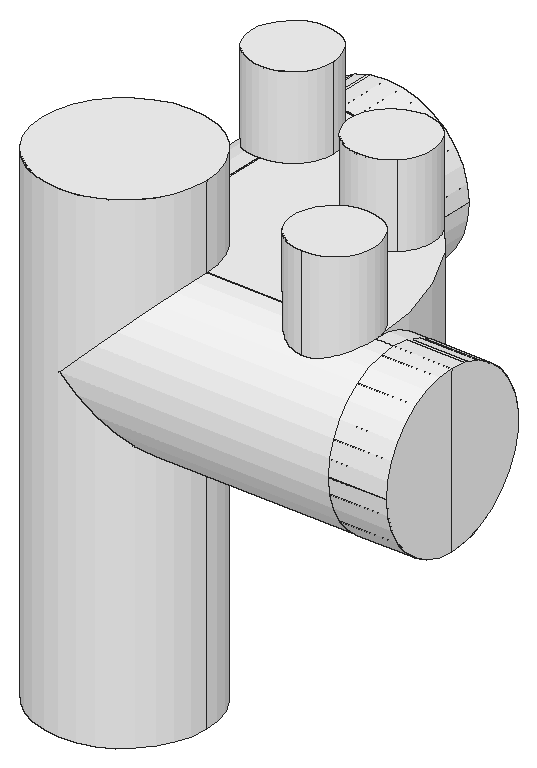
Revit family "Plumbing Fixture-Water_Closet_Carrier_Mifab_MC-28", category Plumbing Fixtures, host Face, Revit 2013
Parameters
  WFU = 0
  URL = "www.mifab.com"
  Model = "MC-28"
  Manufacturer = "MIFAB"
  Floor Drain Material = Paint - Sherwin Williams Paint - #952C2A - Bellwood Red
  Description = "90 Double No Hub Stack Fitting For Floor Mounted Back Outlet Water Closets"
  Default Elevation = 0.000"
  Assembly Code = ""
Reference planes (in)
  plane 1 "Center (Front/Back)": y = 0
  plane 2: z = 0
  plane 3 "Center (Left/Right)": x = 0
Forms (in)
  Revolve 1, solid, material "Paint - Sherwin Williams Paint - #952C2A - Bellwood Red" <- "Floor Drain Material"
    sketch origin (0, 7.34415, 8) x (0, 1, 0) y (0, 0, 1)
      loop
        line (0.65585, 2) -> (-7.34415, 2) -> (-7.34415, 0) -> (0.65585, 0) -> (0.65585, 2)
      axis (0.65585, 0) -> (-7.34415, 0)
    angle from 0 to 360
  Extrusion 2, solid, material "Paint - Sherwin Williams Paint - #952C2A - Bellwood Red" <- "Floor Drain Material"
    sketch origin (0.47711, 11, 8) x (1, 0, 0) y (0, 1, 0)
      loop
        circle (-0.47711, -11) r 2
    from -8 to 4
  Extrusion 3, solid, material "Paint - Sherwin Williams Paint - #952C2A - Bellwood Red" <- "Floor Drain Material"
    sketch origin (0.47711, 11, 8) x (1, 0, 0) y (0, 1, 0)
      loop
        circle (-0.47711, -5.875) r 1
    from 0 to 4
  Revolve 4, solid, material "Paint - Sherwin Williams Paint - #952C2A - Bellwood Red" <- "Floor Drain Material"
    sketch origin (7.34415, 0, 8) x (1, 0, 0) y (0, 0, 1)
      loop
        line (0.65585, 2) -> (-7.34415, 2) -> (-7.34415, 0) -> (0.65585, 0) -> (0.65585, 2)
      axis (0.65585, 0) -> (-7.34415, 0)
    angle from 0 to 360
  Extrusion 5, solid, material "Paint - Sherwin Williams Paint - #952C2A - Bellwood Red" <- "Floor Drain Material"
    sketch origin (11, -0.47711, 8) x (0, -1, 0) y (1, 0, 0)
      loop
        circle (-0.47711, -5.875) r 1
    from 0 to 4
  Extrusion 6, solid, material "Paint - Sherwin Williams Paint - #952C2A - Bellwood Red" <- "Floor Drain Material"
    sketch origin (8.11554, 7.44081, 8) x (0.707107, -0.707107, 0) y (0.707107, 0.707107, 0)
      loop
        circle (-0.47711, -5.875) r 1
    from 0 to 4
  Extrusion 7, solid, material "Paint - Sherwin Williams Paint - #952C2A - Bellwood Red" <- "Floor Drain Material"
    sketch origin (0.47711, 11, 8) x (1, 0, 0) y (0, 1, 0)
      loop
        arc (5.64789, -11) -> (3.85392, -6.66897) -> (-0.47711, -4.875) r 6.125
        line (-0.47711, -4.875) -> (-0.47711, -11) -> (5.64789, -11)
    from 0 to 2
  Extrusion 8, solid, material "Paint - Sherwin Williams Paint - #952C2A - Bellwood Red" <- "Floor Drain Material"
    sketch origin (8, 0, 8) x (0, 1, 0) y (0, 0, 1)
      loop
        circle (0, 0) r 2
    from -1.4141 to 0
  Extrusion 9, solid, material "Paint - Sherwin Williams Paint - #952C2A - Bellwood Red" <- "Floor Drain Material"
    sketch origin (0, 8, 8) x (-1, 0, 0) y (0, 0, 1)
      loop
        circle (0, 0) r 2
    from 0 to -1.43619
Dimensions and locks (in)
  Revolve 1 sketch curve to Revolve 1 sketch curve = 2.000"  (x2)
  locked: Extrusion 2 sketch curve to Revolve 1 at 8
  Revolve 4 sketch curve to Revolve 4 sketch curve = 2.000"
  Revolve 4 sketch curve to Extrusion 5 = 2.000"
  diameter of Extrusion 2 sketch curve = 4.000"
  aligned and locked: plane 2 to host face
  aligned and locked: level to host face
Connectors (in)
  piping at (3.62392, 3.62392, 12)
    settings: on Extrusion 6, index 26, connector radius 1", flow factor 0, pipe flow 0 GPM, pressure drop 0.00 psi, fitting loss kfactor 0, connector angle 0.00°, fixture units 0, engagement length 0.000", flow configuration 0, flow direction 0, fitting loss method 0, system type 7, joint type 0, gender type 0, connector reference index -1, connector utility 0, adjustable connector no, is connector primary yes, fitting loss table "", connector description ""
  piping at (5.125, 0, 12)
    settings: on Extrusion 5, index 27, connector radius 1", flow factor 0, pipe flow 0 GPM, pressure drop 0.00 psi, fitting loss kfactor 0, connector angle 0.00°, fixture units 0, engagement length 0.000", flow configuration 0, flow direction 0, fitting loss method 0, system type 7, joint type 0, gender type 0, connector reference index -1, connector utility 0, adjustable connector no, is connector primary no, fitting loss table "", connector description ""
  piping at (8, 0, 8)
    settings: on Extrusion 8, index 28, connector radius 2", flow factor 0, pipe flow 0 GPM, pressure drop 0.00 psi, fitting loss kfactor 0, connector angle 0.00°, fixture units 0, engagement length 0.000", flow configuration 0, flow direction 0, fitting loss method 0, system type 7, joint type 0, gender type 0, connector reference index -1, connector utility 0, adjustable connector no, is connector primary no, fitting loss table "", connector description ""
  piping at (0, 8, 8)
    settings: on Extrusion 9, index 29, connector radius 2", flow factor 0, pipe flow 0 GPM, pressure drop 0.00 psi, fitting loss kfactor 0, connector angle 0.00°, fixture units 0, engagement length 0.000", flow configuration 0, flow direction 0, fitting loss method 0, system type 7, joint type 0, gender type 0, connector reference index -1, connector utility 0, adjustable connector no, is connector primary no, fitting loss table "", connector description ""
  piping at (0, 0, 12)
    settings: on Extrusion 2, index 30, connector radius 2", flow factor 0, pipe flow 0 GPM, pressure drop 0.00 psi, fitting loss kfactor 0, connector angle 0.00°, fixture units 0, engagement length 0.000", flow configuration 0, flow direction 0, fitting loss method 0, system type 7, joint type 0, gender type 0, connector reference index -1, connector utility 0, adjustable connector no, is connector primary no, fitting loss table "", connector description ""
  piping at (0, 0, 0)
    settings: on Extrusion 2, index 31, connector radius 2", flow factor 0, pipe flow 0 GPM, pressure drop 0.00 psi, fitting loss kfactor 0, connector angle 0.00°, fixture units 0, engagement length 0.000", flow configuration 0, flow direction 0, fitting loss method 0, system type 7, joint type 0, gender type 0, connector reference index -1, connector utility 0, adjustable connector no, is connector primary no, fitting loss table "", connector description ""
  piping at (0, 5.125, 12)
    settings: on Extrusion 3, index 32, connector radius 1", flow factor 0, pipe flow 0 GPM, pressure drop 0.00 psi, fitting loss kfactor 0, connector angle 0.00°, fixture units 0, engagement length 0.000", flow configuration 0, flow direction 0, fitting loss method 0, system type 7, joint type 0, gender type 0, connector reference index -1, connector utility 0, adjustable connector no, is connector primary no, fitting loss table "", connector description ""
